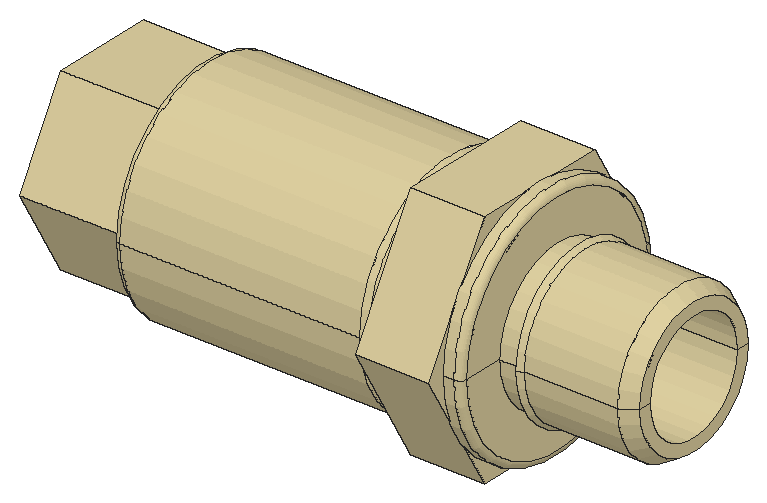
Revit family "HA08000000", category Apparecchi idraulici, Revit 2020
Family settings
  Quota connettore circolare = Usa diametro
  Tipo di parte = Normale
  Numero OmniClass = 23.45.00.00
  Titolo OmniClass = Sanitary, Laundry, and Cleaning Equipment
  Basato su piano di lavoro = No
  Sempre verticale = Sì
  Taglio con vuoti quando caricato = No
  Condiviso = No
  Punto di calcolo locali = No
Parameters
  URL = "https://web.cimberio.com/index.php/figura/407?subcategoria_id="
  Temperatura di esercizio = "-10 ÷ 150°C"
  Prospetto di default = 0 mm
  Produttore = "CIMBERIO SPA"
  Pressione nominale = "PN 16"
  Modello = "Cim 341"
  Materiale = "Prodotto in lega di ottone conforme alla norma EN 12165-CW617N-DW"
  Descrizione = "Realizzato in ottemperanza ai requisiti gestionali della norma EN ISO 9001.\r\nUtilizzato per la regolazione della temperatura degli ambienti e comandare apparecchi degli impianti di riscaldamento e condizionamento."
  DN Model [instance] = HA08001015 : HA08001015
  DN [instance] = 15 mm
  Commenti sul tipo = "Utilizzato nei più svariati settori dell'impiantistica: impianti di riscaldamento, condizionamento, idrici, igienico-sanitari, aria compressa, reti di distribuzione oli, benzine, vapore saturo e in generale con ogni fluido non corrosivo"
Reference planes
  plane 1 "Centro (Fronte/Retro)": y = 0
  plane 2: z = 0
  plane 3 "Centro (Sinistra/Destra)": x = 0
Dimensions and locks
  aligned and locked: level to plane 2
Nested families
  nested 1: "HA08001015" at (0, 0, 0), type <- "DN Model", type "HA08001015"
  nested 2: "HA08001015" at (0, 0, 0), type <- "DN Model", type "HA08001015"
  nested 3: "HA08001015" at (0, 0, 0), type <- "DN Model", type "HA08001015"
  nested 4: "HA08001015" at (0, 0, 0), type <- "DN Model", type "HA08001015"
  nested 5: "HA08001015" at (0, 0, 0), type <- "DN Model", type "HA08001015"
  nested 6: "HA08001015" at (0, 0, 0), type <- "DN Model", type "HA08001015"
Connectors
  piping at (40.25, 0, 0), diameter 15, driven by "DN"
    settings: on nested 1, index 1, connector inside diameter 609.6 mm, connector length 0 mm, flow factor 0, pipe flow 0.0 L/s, pressure drop 0.0 Pa, fitting loss kfactor 0, connector angle 0.00°, fixture units 0, engagement length 0 mm, angle of deflection 0.00°, flow configuration 0, flow direction 0, fitting loss method 0, system type 7, joint type 0, gender type 0, connector reference index -1, connector utility 0, adjustable connector no, is connector primary yes, connector description ""
  piping at (-40.25, 0, 0), diameter 15, driven by "DN"
    settings: on nested 1, index 2, connector inside diameter 609.6 mm, connector length 0 mm, flow factor 0, pipe flow 0.0 L/s, pressure drop 0.0 Pa, fitting loss kfactor 0, connector angle 0.00°, fixture units 0, engagement length 0 mm, angle of deflection 0.00°, flow configuration 0, flow direction 0, fitting loss method 0, system type 7, joint type 0, gender type 0, connector reference index -1, connector utility 0, adjustable connector no, is connector primary no, connector description ""
Definition of nested family "HA08001015"
  Parameters (values of type "HA08001015")
    URL = ""
    Temperatura di esercizio = ""
    Default Elevation = 0 mm
    Manufacturer = ""
    Pressione nominale = ""
    Model = ""
    Materiale = ""
    Description = ""
    Type Comments = ""
  Reference planes
    plane 1 "Centro (Fronte/Retro)": y = 0
    plane 2: z = 0
    plane 3 "Centro (Sinistra/Destra)": x = 0
  Forms (mm)
    Extrusion 1, solid
      sketch origin (29.376, 0, 0) x (0, 1, 0) y (0, 0, 1)
        loop
          circle (0, 0) r 7.5
        loop
          line (-14, 0) -> (-7, -12.124) -> (7, -12.124) -> (14, 0) -> (7, 12.124) -> (-7, 12.124) -> (-14, 0)
      from -69.626 to -55.626
    Extrusion 2, solid
      sketch origin (80.067, 0, 0) x (0, 1, 0) y (0, 0, 1)
        loop
          circle (0, 0) r 7.5
        loop
          line (18.75, 0) -> (9.375, 16.238) -> (-9.375, 16.238) -> (-18.75, 0) -> (-9.375, -16.238) -> (9.375, -16.238) -> (18.75, 0)
      from -70.817 to -60.817
    Revolve 3, solid
      sketch origin (0, 0, 0) x (1, 0, 0) y (0, 1, 0)
        loop
          line (-26.25, 7.5) -> (9.25, 7.5) -> (9.25, 15) -> (7.867, 15) -> (7.25, 15.5) -> (-25.45, 15.5)
          arc (-25.45, 15.5) -> (-26.087, 15.189) -> (-26.25, 14.5) r 0.828
          line (-26.25, 14.5) -> (-26.25, 7.5)
        axis (-26.25, 0) -> (9.25, 0)
      angle from 0 to 360
    Revolve 4, solid
      sketch origin (0, 0, 0) x (1, 0, 0) y (0, 1, 0)
        loop
          line (20.75, 16.5) -> (19.25, 16.5) -> (19.25, 7.5) -> (21.75, 7.5) -> (21.75, 15.5)
          arc (21.75, 15.5) -> (21.457, 16.207) -> (20.75, 16.5) r 1
        axis (19.25, 0) -> (21.75, 0)
      angle from 0 to 360
    Revolve 5, solid
      sketch origin (0, 0, 0) x (1, 0, 0) y (0, 1, 0)
        loop
          line (40.25, 7.5) -> (40.25, 9.163) -> (38.192, 10.437) -> (25.47, 10.437) -> (24.781, 10.919) -> (24.25, 10) -> (21.75, 10) -> (21.75, 7.5) -> (40.25, 7.5)
        axis (40.25, 0) -> (21.75, 0)
      angle from 0 to 360
  Dimensions and locks
    aligned and locked: level to plane 2
